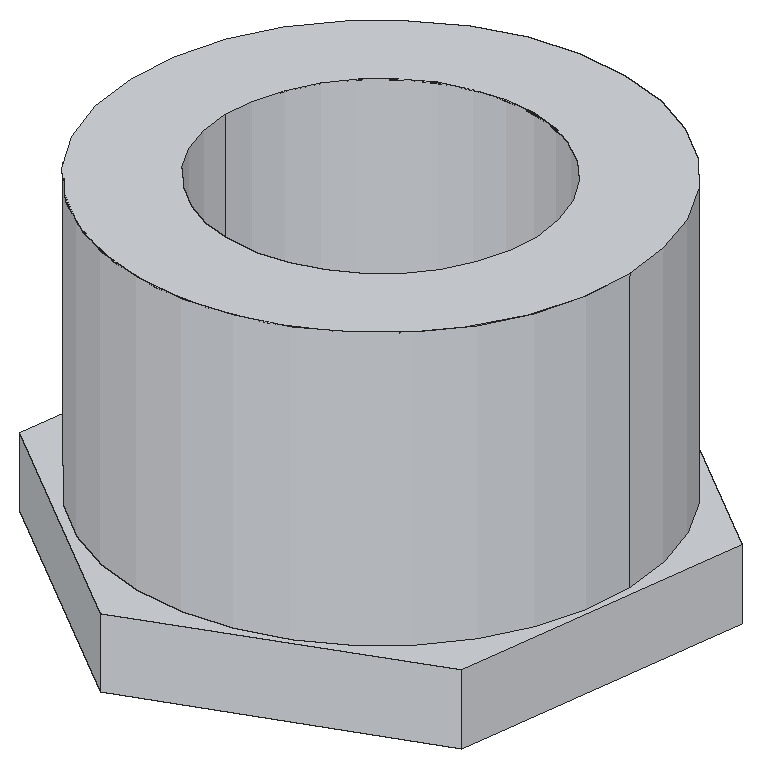
Revit family "HR3G", category Generic Models, Revit 2017
Family settings
  Can host rebar = No
  Round Connector Dimension = Use Diameter
  Part Type = Normal
  Work Plane-Based = Yes
  Always vertical = No
  Cut with Voids When Loaded = No
  Shared = No
  Room Calculation Point = No
Parameters (values of type "NBS Standard Parameters")
  Weight = "0.092Kg"
  WarrantyStartDate [instance] = "1900-12-31T23:59:59"
  WarrantyGuarantorParts = "n/a"
  WarrantyGuarantorLabor = "n/a"
  WarrantyDurationUnit = "1 year"
  WarrantyDurationParts = "n/a"
  WarrantyDurationLabor = "n/a"
  WarrantyDescription = "n/a"
  Version = "1"
  Uniclass2 = "Pr_65_70_11_20"
  TagNumber [instance] = "n/a"
  SustainabilityPerformance = "n/a"
  Size = "32mm"
  Shape = "Circular"
  SerialNumber [instance] = "n/a"
  Revision = "n/a"
  ReplacementCost = "n/a"
  ProductInformation = "www.metpro.co.uk/pdf/hr3g.pdf"
  NominalWidth = 32.8 mm
  NominalLength = 32.8 mm
  NominalHeight = 22.5 mm
  Name = ""
  NBSTypeID = ""
  NBSReference = "90-55-10/460"
  NBSOfficeMasterTag = ""
  NBSNote = ""
  NBSDescription = "Conduit Fittings"
  NBSCertification = ""
  ModelReference = "HR3G"
  ModelNumber = "n/a"
  Material = "Mild Steel"
  ManufacturerURL = "www.metpro.co.uk"
  ManufacturerName = "Metpro Ltd"
  Keynote = "Compliant to LU Standard 1-085"
  InstallationDate [instance] = "1900-12-31T23:59:59"
  IfcExportType = ""
  IfcExportAs = ""
  Grade = "n/a"
  Finish = "BZP"
  Features = "n/a"
  ExpectedLife = "n/a"
  DurationUnit = "year"
  Description = "HR3G  32 - 20mm Conduit Reducer"
  Default Elevation = 1219.2 mm
  Constituents = "n/a"
  Color = "n/a"
  CodePerformance = "n/a"
  Category = "n/a"
  BarCode [instance] = "n/a"
  BIMObjectName = "Metpro_Metprolibrary_Conduitfittings_Metalcomponents/Steelaccessories"
  Author = "Metpro Limited"
  AssetType = ""
  AssetIdentifier [instance] = "n/a"
  AccessibilityPerformance = "n/a"
Reference planes
  plane 1 "Center (Front/Back)": y = 0
  plane 2: z = 0
  plane 3 "Center (Left/Right)": x = 0
Forms (mm)
  Extrusion 1, solid
    sketch origin (-11.449, -7.188, 21.419) x (0, -1, 0) y (1, 0, 0)
      loop
        circle (-3.24, 0.039) r 10
      loop
        line (8.69, 14.772) -> (-10.034, 17.737) -> (-21.964, 3.005) -> (-15.17, -14.693) -> (3.553, -17.658) -> (15.483, -2.926) -> (8.69, 14.772)
    from 0 to 4.5
  Extrusion 2, solid
    sketch origin (-11.449, -7.188, 21.419) x (0, -1, 0) y (1, 0, 0)
      loop
        circle (-3.24, 0.039) r 10
      loop
        circle (-3.24, 0.039) r 16
    from 2.641 to 22.47
Dimensions and locks
  aligned and locked: level to plane 2
